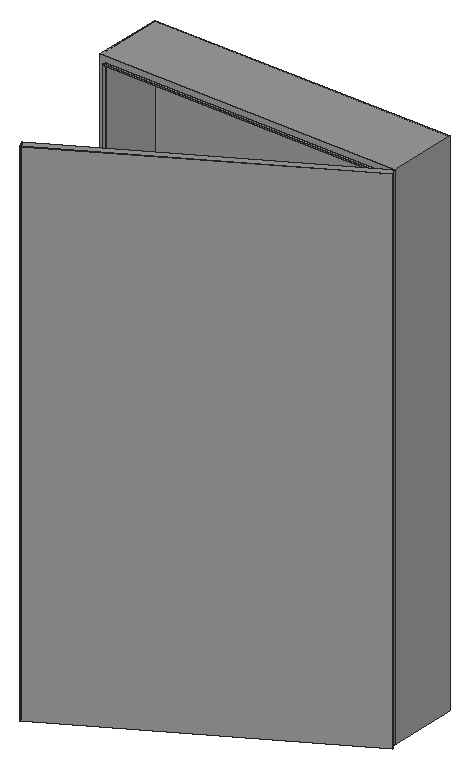
Revit family "Hager-Univers-IP44-D205-H1400-Cl.I-encl-NoHosted-DE-de", category Equipement électrique, Revit 2020
Family settings
  Configuration du panneau = Deux colonnes, circuits au sein
  Cote de connecteur circulaire = Utiliser le diamètre
  Type d'élément = Tableau de raccordement
  Basée sur le plan de construction = Oui
  Toujours verticalement = Oui
  Couper avec des vides une fois chargée = Non
  Partagée = Non
  Point de calcul de pièce = Non
Parameters (values of type "Aufputz IP44 B800 H1400 T205  - FP93TN2")
  Width Control [instance] = if([EF000008 - Breite] > Min Width, [EF000008 - Breite], Min Width)  # 800 mm
  Commentaires du type = [HG000003 - Bereich]  # "Univers"
  Thickness Door [instance] = if([EF009171 - Materialstärke Tür/Deckel] > 3 mm, 3 mm, [EF009171 - Materialstärke Tür/Deckel])  # 1 mm
  Seal Frame Offset [instance] = 17 mm  # constant formula
  Plinth Visibility [instance] = [HG000027 - Sockelhöhe] > 0 mm  # no
  Min Width [instance] = 100 mm  # constant formula
  Min Depth [instance] = (2 * [EF009170 - Materialstärke Gehäuse]) + 1 mm  # 3 mm
  Min Height [instance] = 100 mm  # constant formula
  Internal Frame Depth [instance] = (Door System Depth * 0.5)  # 9 mm
  Panel Name [instance] = ""  # (empty or 0)
  Model = ""
  HG000027 - Sockelhöhe = 0 mm
  HG000026 - Stehend auf dem Boden = no
  HG000024 - Höhe des unteren Teils = 600 mm
  HG000023 - Gehäuse mit doppeltem Querschnitt = no
  HG000016 - 3D-Türsichtbarkeit [instance] = yes
  HG000015 - Sichtbarkeit der Türöffnung [instance] = no
  HG000014 - Tür rechts [instance] = yes
  HG000013 - Tür links [instance] = not([HG000014 - Tür rechts])  # no
  HG000012 - Türschwenkwinkel [instance] = 30.00°
  HG000010 - Asymmetrische Türen = no
  HG000009 - Doppelflügeligen Tür = no
  HG000006 - Unterputz = no
  HG000004 - Herstellerreferenz = "FP93TN2"
  HG000003 - Bereich = "Univers"
  HG000002 - Mit tür = yes
  Frame Offset Bottom [instance] = 10 mm  # constant formula
  Frame Offset [instance] = 15 mm  # constant formula
  EF015940 - Deckel mit Überdruckentlastung = no
  EF011959 - Schutzart (NEMA) = ""
  EF009554 - Anzahl der Öffnungen für Flanschplatten = 6
  EF009212 - Ausführung Deckel = "EV000116 - geschlossen"
  EF009171 - Materialstärke Tür/Deckel = 1 mm
  EF009170 - Materialstärke Gehäuse = 1 mm
  EF008873 - Nennstrom (In) = 250 A
  EF007800 - Geeignet für Blitzschutz = no
  EF006306 - Mit Schloss = no
  EF006244 - Transparenter Deckel/Tür = no
  EF005474 - Schutzart (IP) = "EV006418 - IP44"
  EF004464 - Art der Tür = "EV002646 - Einzel"
  EF004427 - Anzahl der Module = 324
  EF004293 - Schlagfestigkeit = "EV006815 - IK09"
  EF003532 - Geeignet für Außengebrauch = no
  EF002950 - Breite in Teilungseinheiten = 36
  EF001613 - Funktionserhalt = "EV000494 - ohne"
  EF001596 - Werkstoff des Gehäuses = "EV000179 - Stahl"
  EF001131 - Innentiefe = 130 mm
  EF001088 - Anbaumöglichkeit = yes
  EF000437 - Anzahl der Leitungseinführungen = 6
  EF000339 - Art der Abdeckung = "EV001012 - Deckel"
  EF000266 - Anzahl der Reihen = 9
  EF000218 - Einbautiefe = 205 mm
  EF000118 - Mit Montageplatte = no
  EF000116 - RAL-Nummer = "9010"
  EF000049 - Tiefe = 205 mm
  EF000040 - Höhe = 1400 mm
  EF000008 - Breite = 800 mm
  EF000007 - Farbe = "EV000202 - weiß"
  EF000003 - Montageart = "EV000384 - Aufputz"
  Door System Leaf Tolerance [instance] = 1.5 mm  # constant formula
  Door System Depth [instance] = 18 mm  # constant formula
  Door Height [instance] = Height Control - [HG000027 - Sockelhöhe]  # 1400 mm
  Description = ""
  Default Elevation = 1219.2 mm
  Connector Offset [instance] = Height Control / 2  # 700 mm
  Fabricant = "Hager"  # constant formula
  Height Control [instance] = if([EF000040 - Höhe] > Min Height, [EF000040 - Höhe], Min Height)  # 1400 mm
  Depth Control [instance] = if([EF000049 - Tiefe] > Min Depth, [EF000049 - Tiefe], Min Depth)  # 205 mm
  Bottom Top Plate Trim [instance] = 1.5 mm  # constant formula
  Plinth height Ctrl [instance] = if([HG000027 - Sockelhöhe] > 0 mm, [HG000027 - Sockelhöhe], 12 mm)  # 12 mm
Types (9, lengths in mm): name | Width Control | HG000010 - Asymmetrische Türen | HG000009 - Doppelflügeligen Tür | HG000004 - Herstellerreferenz | EF009554 - Anzahl der Öffnungen für Flanschplatten | EF004464 - Art der Tür | EF004427 - Anzahl der Module | EF002950 - Breite in Teilungseinheiten | EF000437 - Anzahl der Leitungseinführungen | EF000008 - Breite
  Aufputz IP44 B1050 H1400 T205  - FP94TN2 | 1050 | no | yes | "FP94TN2" | 8 | "EV003602 - Doppel" | 432 | 48 | 8 | 1050
  Aufputz IP44 B1300 H1400 T205  - FP95TN | 1300 | no | yes | "FP95TN" | 10 | "EV003602 - Doppel" | 540 | 60 | 10 | 1300
  Aufputz IP44 B1300 H1400 T205  - FP95TN2 | 1300 | yes | yes | "FP95TN2" | 10 | "EV003602 - Doppel" | 540 | 60 | 10 | 1300
  Aufputz IP44 B300 H1400 T205  - FP91TN | 300 | no | no | "FP91TN" | 2 | "EV002646 - Einzel" | 108 | 12 | 2 | 300
  Aufputz IP44 B300 H1400 T205  - FP91TN2 | 300 | no | no | "FP91TN2" | 2 | "EV002646 - Einzel" | 108 | 12 | 2 | 300
  Aufputz IP44 B550 H1400 T205  - FP92TN | 550 | no | no | "FP92TN" | 4 | "EV002646 - Einzel" | 216 | 24 | 4 | 550
  Aufputz IP44 B550 H1400 T205  - FP92TN2 | 550 | no | no | "FP92TN2" | 4 | "EV002646 - Einzel" | 216 | 24 | 4 | 550
  Aufputz IP44 B800 H1400 T205  - FP93TN | 800 | no | no | "FP93TN" | 6 | "EV002646 - Einzel" | 324 | 36 | 6 | 800
  Aufputz IP44 B800 H1400 T205  - FP93TN2 | 800 | no | no | "FP93TN2" | 6 | "EV002646 - Einzel" | 324 | 36 | 6 | 800
Reference planes
  plane 1 "Center (Front/Back)": y = 0
  plane 2: z = 0
  plane 3 "Center (Left/Right)": x = 0
  plane 4: y = 0
  plane 5: y = 0
  plane 6: z = 0
  plane 7: x = -400
  plane 8: x = 400
  plane 9: x = 399
  plane 10: x = -399
  plane 11: z = 0
  plane 12: z = 1
  plane 13: y = -205
  plane 14: y = -1
  plane 15: x = 0
  plane 16: y = -187
  plane 17: y = -204
  plane 18: y = -186
  plane 19: x = -384
  plane 20: x = 384
  plane 21: z = 11
  plane 22: x = -383
  plane 23: x = 383
  plane 24: z = 0
  plane 25: z = 1400
  plane 26: z = 1400
  plane 27: z = 1384
  plane 28: z = 1399
Forms (mm)
  Extrusion 1, solid, material "Hager_Steel_RAL7035_Light_Grey", detail levels medium+fine
    sketch origin (-208.679, -4572, 0) x (-1, 0, 0) y (0, -1, 0)
      loop
        line (191.321, -4385) -> (-608.679, -4385) -> (-608.679, -4572) -> (191.321, -4572) -> (191.321, -4385)
    from 0 to 1400
  Extrusion 2, void
    sketch origin (-350.771, -205, 1219.2) x (1, 0, 0) y (0, 0, 1)
      loop
        line (-48.229, 179.8) -> (-48.229, -1218.2) -> (749.771, -1218.2) -> (749.771, 179.8) -> (-48.229, 179.8)
    from -19 to -204
  Extrusion 3, void
    sketch origin (-290.084, -187, 1219.2) x (1, 0, 0) y (0, 0, 1)
      loop
        line (-93.916, -1208.2) -> (674.084, -1208.2) -> (674.084, 164.8) -> (-93.916, 164.8) -> (-93.916, -1208.2)
    from 0 to -1
  Extrusion 4, solid, material "Hager_Steel_RAL7035_Light_Grey", visible <- "Plinth Visibility", detail levels medium+fine
    sketch origin (0, 0, 0) x (1, 0, 0) y (0, 1, 0)
      loop
        line (-400, 0) -> (-400, -187) -> (400, -187) -> (400, 0) -> (-400, 0)
    from 0 to 12 <- "Plinth height Ctrl"
  Extrusion 5, solid, material "Hager_Steel_RAL7035_Light_Grey", detail levels coarse
    sketch origin (0, 0, 0) x (1, 0, 0) y (0, 1, 0)
      loop
        line (-400, 0) -> (-400, -205) -> (400, -205) -> (400, 0) -> (-400, 0)
    from 0 to 1400 <- "Height Control"
  Sweep 6, void
    path in 3D
      loop
        line (-400, -187, 12) -> (400, -187, 12) -> (400, 0, 12) -> (-400, 0, 12) -> (-400, -187, 12)
    profile origin (-400, -93.5, 12) x (1, 0, 0) y (0, 0, 1)
      loop
        line (0, 0) -> (0, -1.5) -> (1.5, -1.5)
        arc (1.5, -1.5) -> (1.061, -0.439) -> (0, 0) r 1.5
  Extrusion 7, solid, material "Hager_Steel_RAL7035_Light_Grey", detail levels fine
    sketch origin (-400, -187, 0) x (1, 0, 0) y (0, 0, 1)
      loop
        line (16, 11) -> (784, 11) -> (784, 1384) -> (16, 1384) -> (16, 11)
      loop
        line (15, 10) -> (785, 10) -> (785, 1385) -> (15, 1385) -> (15, 10)
    from 0 to 9 <- "Internal Frame Depth"
Cuts and joins
  Extrusion 2, Extrusion 3 cuts Extrusion 1
  Sweep 6 cuts Extrusion 4
Lines and regions (mm)
  Masking region 1
    outline origin (0, 0, 0) x (1, 0, 0) y (0, 1, 0)
      loop
        line (-400, 0) -> (-400, -205) -> (400, -205) -> (400, 0) -> (-400, 0)
  Masking region 2, detail levels coarse
    outline origin (-290.084, -187, 1219.2) x (-1, 0, 0) y (0, 0, 1)
      loop
        line (-690.084, -1219.2) -> (109.916, -1219.2) -> (109.916, 180.8) -> (-690.084, 180.8) -> (-690.084, -1219.2)
  Masking region 3, detail levels coarse
    outline origin (0, 0, 0) x (0, 1, 0) y (0, 0, 1)
      loop
        line (0, 0) -> (0, 1400) -> (-205, 1400) -> (-205, 0) -> (0, 0)
  Masking region 4, visible <- "Plinth Visibility", detail levels medium+fine
    outline origin (0, 0, 0) x (0, 1, 0) y (0, 0, 1)
      loop
        line (-1.5, 12) -> (-185.5, 12)
        arc (-185.5, 12) -> (-185.939, 10.939) -> (-187, 10.5) r 1.5
        line (-187, 10.5) -> (-187, 0) -> (0, 0) -> (0, 10.5)
        arc (0, 10.5) -> (-1.061, 10.939) -> (-1.5, 12) r 1.5
  Masking region 5, detail levels medium+fine
    outline origin (0, 0, 594.038) x (0, 1, 0) y (0, 0, 1)
      loop
        line (0, -594.038) -> (0, 805.962) -> (-187, 805.962) -> (-187, -594.038) -> (0, -594.038)
  Masking region 6, detail levels medium+fine
    outline origin (-359.7, -187, 1211.883) x (-1, 0, 0) y (0, 0, 1)
      loop
        line (-759.7, -1211.883) -> (40.3, -1211.883) -> (40.3, 188.117) -> (-759.7, 188.117) -> (-759.7, -1211.883)
  Masking region 7, visible <- "Plinth Visibility", detail levels medium+fine
    outline origin (-320.334, -187, 1041.368) x (-1, 0, 0) y (0, 0, 1)
      loop
        line (-720.334, -1041.368) -> (79.666, -1041.368) -> (79.666, -1030.868)
        arc (79.666, -1030.868) -> (78.606, -1030.429) -> (78.166, -1029.368) r 1.5
        line (78.166, -1029.368) -> (-718.834, -1029.368)
        arc (-718.834, -1029.368) -> (-719.273, -1030.429) -> (-720.334, -1030.868) r 1.5
        line (-720.334, -1030.868) -> (-720.334, -1041.368)
  sketch lines
    curve 1: line (-400, 0, 12) -> (-400, -187, 12)
    curve 2: line (-400, -187, 12) -> (400, -187, 12)
    curve 3: line (400, 0, 12) -> (-400, 0, 12)
    curve 4: line (400, -187, 12) -> (400, 0, 12)
Dimensions and locks
  locked: plane 1 "Center (Front/Back)" to plane 5
  "EF009170 - Materialstärke Gehäuse": plane 7 to plane 10
  "EF009170 - Materialstärke Gehäuse": plane 8 to plane 9
  equal spacing: plane 7, plane 3 "Center (Left/Right)", plane 8
  "Width Control": plane 7 to plane 8
  "Depth Control": plane 4 to plane 13
  "EF009170 - Materialstärke Gehäuse": plane 4 to plane 14
  "Height Control": plane 25 to level
  "HG000027 - Sockelhöhe": plane 11 to level
  "EF009170 - Materialstärke Gehäuse": plane 12 to plane 11
  "EF009170 - Materialstärke Gehäuse": plane 17 to plane 13
  "EF009170 - Materialstärke Gehäuse": plane 18 to plane 16
  "Frame Offset Bottom": plane 21 to plane 12
  "Frame Offset": plane 10 to plane 19
  "Frame Offset": plane 9 to plane 20
  "Door System Depth": plane 16 to plane 13
  "Seal Frame Offset": plane 7 to plane 22
  "Seal Frame Offset": plane 8 to plane 23
  "EF009170 - Materialstärke Gehäuse": plane 26 to plane 28
  "Frame Offset": plane 28 to plane 27
  "Connector Offset": plane 2 to connector elem
  "Bottom Top Plate Trim": profile plane to Sweep 6 sketch curve
  "Bottom Top Plate Trim": Sweep 6 sketch curve to Sweep 6 sketch curve
  "Plinth height Ctrl": Masking region 4 sketch curve to level
  "Plinth height Ctrl": Masking region 7 sketch curve to level
  "Thickness Door": Extrusion 7 sketch curve to Extrusion 7 sketch curve  (x4)
  "Bottom Top Plate Trim": radius of Sweep 6 sketch curve
  "Bottom Top Plate Trim": radius of Masking region 4 sketch curve  (x2)
  "Bottom Top Plate Trim": radius of Masking region 7 sketch curve  (x2)
  aligned and locked: Extrusion 2 sketch curve to plane 12
  aligned and locked: Extrusion 2 sketch curve to plane 9
  aligned and locked: Extrusion 2 sketch curve to plane 10
  aligned and locked: Extrusion 2 to plane 14
  aligned and locked: Extrusion 1 sketch curve to plane 4
  aligned and locked: plane 8 to Extrusion 1 sketch curve
  aligned and locked: plane 7 to Extrusion 1 sketch curve
  aligned and locked: Extrusion 2 to plane 18
  aligned and locked: Extrusion 3 sketch curve to plane 19
  aligned and locked: plane 20 to Extrusion 3 sketch curve
  aligned and locked: Extrusion 3 to Extrusion 2
  aligned and locked: Extrusion 3 sketch curve to plane 21
  aligned and locked: plane 3 "Center (Left/Right)" to nested 1
  aligned and locked: Extrusion 1 sketch curve to plane 16
  aligned and locked: Extrusion 4 sketch curve to cut or joined group of Extrusion 1, Extrusion 2, Extrusion 3
  aligned and locked: Masking region 1 sketch curve to plane 7
  aligned and locked: Masking region 1 sketch curve to plane 5
  aligned and locked: Masking region 1 sketch curve to plane 8
  aligned and locked: Masking region 2 sketch curve to level
  aligned and locked: level to Masking region 3 sketch curve
  aligned and locked: plane 1 "Center (Front/Back)" to Masking region 3 sketch curve
  aligned and locked: plane 13 to Masking region 3 sketch curve
  aligned and locked: plane 5 to Masking region 4 sketch curve
  aligned and locked: Masking region 2 sketch curve to plane 8
  aligned and locked: Masking region 2 sketch curve to plane 7
  aligned and locked: plane 7 to nested 2
  aligned and locked: nested 2 to plane 5
  aligned and locked: plane 5 to Masking region 5 sketch curve
  aligned and locked: plane 26 to Masking region 5 sketch curve
  aligned and locked: Extrusion 5 sketch curve to plane 8
  aligned and locked: Extrusion 5 sketch curve to plane 7
  aligned and locked: Extrusion 5 sketch curve to plane 5
  aligned and locked: Extrusion 3 sketch curve to plane 27
  aligned and locked: Extrusion 2 sketch curve to plane 28
  aligned and locked: Masking region 2 to plane 25
  aligned and locked: Extrusion 4 to plane 16
  aligned and locked: profile plane to Sweep 6 sketch curve
  aligned and locked: Masking region 5 sketch curve to plane 24
  aligned and locked: level to Masking region 4 sketch curve
  aligned and locked: Masking region 1 to plane 13
  aligned and locked: nested 1 to plane 16
  aligned and locked: Masking region 3 to plane 25
  aligned and locked: plane 16 to Masking region 4 sketch curve
  aligned and locked: Masking region 5 sketch curve to plane 16
  aligned and locked: plane 24 to plane 11
  aligned and locked: plane 26 to plane 25
  aligned and locked: plane 26 to cut or joined group of Extrusion 1, Extrusion 2, Extrusion 3
  aligned and locked: nested 1 to plane 24
  aligned and locked: Extrusion 1 to Extrusion 3
  aligned and locked: Masking region 6 sketch curve to plane 8
  aligned and locked: Masking region 6 sketch curve to plane 24
  aligned and locked: Masking region 6 sketch curve to plane 7
  aligned and locked: Masking region 6 sketch curve to plane 26
  aligned and locked: Masking region 7 sketch curve to plane 7
  aligned and locked: level to Masking region 7 sketch curve
  aligned and locked: Masking region 7 sketch curve to plane 8
  aligned and locked: Extrusion 7 sketch curve to cut or joined group of Extrusion 1, Extrusion 2, Extrusion 3  (x4)
Automatic sketch dimensions
  plane 19 to Extrusion 3 sketch curve = 0 mm
  Extrusion 3 sketch curve to plane 20 = 0 mm
  Extrusion 3 sketch curve to plane 21 = 0 mm
  Extrusion 4 sketch curve to plane 7 = 0 mm
  Extrusion 4 sketch curve to plane 8 = 0 mm
  Extrusion 4 sketch curve to plane 16 = 0 mm
  Masking region 1 sketch curve to plane 13 = 0 mm
  Masking region 2 sketch curve to plane 25 = 0 mm
  Masking region 3 sketch curve to plane 25 = 0 mm
  Extrusion 5 sketch curve to plane 13 = 0 mm
  profile plane to Sweep 6 sketch curve = 0 mm
Nested families
  nested 1: "EC000058_Univers_Door" at (0, -187, 0), Double <- "HG000009 - Doppelflügeligen Tür", Transparent <- "EF006244 - Transparenter Deckel/Tür", Angle <- "HG000012 - Türschwenkwinkel", Door_Right <- "HG000014 - Tür rechts", Assymetrical <- "HG000010 - Asymmetrische Türen", Door <- "HG000002 - Mit tür", Width_Ctrl <- "Width Control", 3d_Door <- "HG000016 - 3D-Türsichtbarkeit", Clearance <- "HG000015 - Sichtbarkeit der Türöffnung", Door_Left <- "HG000013 - Tür links", Width <- "Width Control", Door_Depth <- "Door System Depth", Leaf_Tolerance <- "Door System Leaf Tolerance", Height <- "Door Height", Lock_Visibility <- "EF006306 - Mit Schloss", Thickness <- "Thickness Door", type "EC000058_Univers_Door", detail levels medium+fine
    with min_wh 3 mm, Width_Ctrl 800 mm, Width 800 mm, Transparent no, Thickness 1 mm, Seal_Material Hager_Rubber, Lock_Visibility no, Lock_Material Hager_Plastic_RAL9005_Jet_Black, Leaf_Width 800 mm, Leaf_Tolerance_External_Sides 0 mm, Leaf_Tolerance 1.5 mm, Leaf_Offset 0 mm, Leaf_Height 1397 mm, Leaf_2_Width 800 mm, Leaf_2_Offset 400 mm, Leaf_1_Width 800 mm, Leaf_1_Offset 400 mm, Height_Ctrl 1400 mm, Height 1400 mm, Glass_Material Hager_Glass, Double_Clearance_Ctrl no, Double no, Door_Right_Ctrl yes, Door_Right yes, Door_Material Hager_Steel_RAL7035_Light_Grey, Door_Left_Ctrl no, Door_Left no, Door_Depth 18 mm, Door yes, Clearance_Material Hager_Clearance, Clearance_Depth 800 mm, Clearance_Ctrl no, Clearance no, Assymetrical no, Angle 30.00°, 3d_Door yes
  nested 2: "Hager_Enclosure_Symbol" at (-400, 0, 0), Height <- "Depth Control", Width <- "Width Control", type "Hager_Enclosure_Symbol"
    with Width_Ctrl 800 mm, Width 800 mm, Height_Ctrl 205 mm, Height 205 mm, A_Width_Int 13.453 mm, A_Width 161.438 mm, A_Height_Ctrl 179.375 mm, A_Height 179.375 mm
Connectors
  electrical at (0, 0, 700)
    settings: on plane 1 "Center (Front/Back)", index 1, voltage 0 V, apparent load 0 VA, apparent load phase1 0 VA, apparent load phase2 0 VA, apparent load phase3 0 VA, power factor 1, load classification "Other", number of poles 1, system type 30, power factor state 1, is connector primary yes, connector utility no, sub classification motor no, connector description ""
Definition of nested family "EC000058_Univers_Door"
  Parameters (values of type "EC000058_Univers_Door")
    min_wh [instance] = (2 * Thickness) + 1 mm  # 11 mm
    Width_Ctrl [instance] = 400 mm
    Width [instance] = 500 mm
    Transparent [instance] = yes
    Thickness [instance] = 5 mm
    Seal_Material [instance] = none
    Lock_Visibility [instance] = yes
    Lock_Material [instance] = none
    Leaf_Width [instance] = if((Width_Ctrl - 2 * Leaf_Tolerance_External_Sides) > 0 mm, (Width_Ctrl - 2 * Leaf_Tolerance_External_Sides), min_wh)  # 400 mm
    Leaf_Tolerance_External_Sides [instance] = 0 mm  # constant formula
    Leaf_Tolerance [instance] = 1.5 mm
    Leaf_Offset [instance] = 0 mm  # constant formula
    Leaf_Height [instance] = if((Height_Ctrl - 2 * Leaf_Tolerance) > 0 mm, (Height_Ctrl - 2 * Leaf_Tolerance), min_wh)  # 497 mm
    Leaf_2_Width [instance] = if(and(and(Double, Assymetrical), Door_Left), (Leaf_Width / 3) - (Leaf_Tolerance / 2), if(and(and(Double, Assymetrical), Door_Right), (Leaf_Width / 3) * 2 - (Leaf_Tolerance / 2), if(and(Double, not(Assymetrical)), (Leaf_Width / 2) - Leaf_Tolerance, Leaf_Width)))  # 400 mm
    Leaf_2_Offset [instance] = if(and(Double, Assymetrical), Leaf_2_Width / 2, if(and(Double, not(Assymetrical)), Leaf_Width / 4, Leaf_Width / 2))  # 200 mm
    Leaf_1_Width [instance] = if(and(and(Double, Assymetrical), Door_Right), (Leaf_Width / 3) - (Leaf_Tolerance / 2), if(and(and(Double, Assymetrical), Door_Left), (Width / 3) * 2 - (Leaf_Tolerance / 2), if(and(Double, not(Assymetrical)), (Leaf_Width / 2) - Leaf_Tolerance, Leaf_Width)))  # 400 mm
    Leaf_1_Offset [instance] = if(and(Double, Assymetrical), Leaf_1_Width / 2, if(and(Double, not(Assymetrical)), Leaf_Width / 4, Leaf_Width / 2))  # 200 mm
    Height_Ctrl [instance] = if(Height > min_wh, Height, min_wh)  # 500 mm
    Height [instance] = 500 mm
    Glass_Material [instance] = none
    Double_Clearance_Ctrl [instance] = and(Double, Clearance)  # no
    Double [instance] = no
    Door_Right_Ctrl [instance] = and(or(Door_Right, Double), Door)  # yes
    Door_Right [instance] = yes
    Door_Material [instance] = none
    Door_Left_Ctrl [instance] = and(or(Door_Left, Double), Door)  # no
    Door_Left [instance] = no
    Door_Depth [instance] = 30 mm
    Door [instance] = yes
    Default Elevation = 1219.2 mm
    Clearance_Material [instance] = none
    Clearance_Depth [instance] = if(Leaf_1_Width > Leaf_2_Width, Leaf_1_Width, Leaf_2_Width)  # 400 mm
    Clearance_Ctrl [instance] = and(not(Double), Clearance)  # yes
    Clearance [instance] = yes
    Assymetrical [instance] = yes
    Angle [instance] = 30.00°
    3d_Door [instance] = yes
  Reference planes
    plane 1 "Center (Front/Back)": y = 0
    plane 2 "Bottom": z = 0
    plane 3 "Center (Left/Right)": x = 0
    plane 4: z = 500
    plane 5: x = -200
    plane 6: x = 200
    plane 7: z = 500
    plane 8: x = -200
    plane 9: z = 0
    plane 10: x = 200
    plane 11: y = 0
    plane 12: z = 1.5
    plane 13: x = -600
    plane 14: y = -400
    plane 15: x = 600
    plane 16: x = 0
    plane 17: x = 0
    plane 18: x = -200
    plane 19: x = 200
    plane 20: z = 498.5
  Forms (mm)
    Extrusion 1, solid, material <- "Clearance_Material", visible <- "Double_Clearance_Ctrl"
      sketch origin (1200, 0, 0) x (1, 0, 0) y (0, 0, -1)
        loop
          line (-1800, -498.5) -> (-600, -498.5) -> (-600, 0) -> (-1800, 0) -> (-1800, -498.5)
      from 0 to -400
  Dimensions and locks
    equal spacing: plane 5, plane 3 "Center (Left/Right)", plane 6
    "Width_Ctrl": plane 5 to plane 6
    "Leaf_Offset": plane 5 to plane 8
    "Leaf_Offset": plane 6 to plane 10
    "Leaf_Offset": plane 9 to level
    "Leaf_Offset": plane 4 to plane 7
    "Height_Ctrl": plane 4 to level
    "Leaf_Tolerance": plane 12 to plane 9
    locked: plane 11 to plane 1 "Center (Front/Back)"
    "Leaf_1_Offset": plane 18 to plane 16
    "Leaf_2_Offset": plane 17 to plane 19
    "Leaf_1_Width": plane 13 to plane 8
    "Leaf_2_Width": plane 10 to plane 15
    "Clearance_Depth": plane 14 to plane 1 "Center (Front/Back)"
    "Leaf_Tolerance_External_Sides": plane 8 to plane 18
    "Leaf_Tolerance_External_Sides": plane 19 to plane 10
    "Leaf_Tolerance": plane 7 to plane 20
    aligned and locked: level to plane 2 "Bottom"
    aligned and locked: nested 1 to plane 16
    aligned and locked: nested 2 to plane 17
    aligned and locked: Extrusion 1 to plane 13
    aligned and locked: plane 15 to Extrusion 1
    aligned and locked: Extrusion 1 to plane 14
    aligned and locked: plane 12 to nested 1
    aligned and locked: nested 2 to plane 12
    aligned and locked: Extrusion 1 to plane 11
    aligned and locked: plane 20 to Extrusion 1
    aligned and locked: nested 2 to plane 11
    aligned and locked: nested 1 to plane 11
  Automatic sketch dimensions
    Extrusion 1 sketch curve to level = 0 mm
    plane 5 to Extrusion 1 sketch curve = 400 mm
    plane 6 to Extrusion 1 sketch curve = 400 mm
    Extrusion 1 sketch curve to plane 4 = 1.5 mm
  Nested families
    nested 1: "EC000058_Univers_Door_Leaf" at (0, 0, 1.5), Width <- "Leaf_1_Width", visible <- "Door_Left_Ctrl", Leaf_Height <- "Leaf_Height", Angle <- "Angle", 3d_Door <- "3d_Door", Transparent <- "Transparent", Clearance Material <- "Clearance_Material", Clearance <- "Clearance_Ctrl", Door_Material <- "Door_Material", Glass_Material <- "Glass_Material", Door_Depth <- "Door_Depth", Lock_Material <- "Lock_Material", Seal_Material <- "Seal_Material", Lock_Visibility <- "Lock_Visibility", Thickness <- "Thickness", type "EC000058_Univers_Door_Leaf"
      with Width 400 mm, Transparent_Glass_Offset 30 mm, Transparent_Ctrl yes, Transparent yes, Thickness 5 mm, Standard no, Seal_Material none, Seal_D2 8 mm, Seal_D1 1 mm, Offset_Internal_Frame 10 mm, Lock_Width 20 mm, Lock_Visibility_3d yes, Lock_Visibility yes, Lock_Thickness_3 3 mm, Lock_Thickness_2 1 mm, Lock_Thickness_1 3 mm, Lock_Radius_Offset_2 16 mm, Lock_Radius_Offset_1 15 mm, Lock_Radius_2 5 mm, Lock_Radius 6 mm, Lock_Offset 5 mm, Lock_Material none, Lock_Height 80 mm, Lock_Cover_Top_Offset_2d 17 mm, Lock_Cover_Height -65 mm, Leaf_Height 497 mm, Internal_Seal_Thickness 8 mm, Internal_Seal_Depth_2 4.5 mm, Internal_Frame_Depth 25 mm, Glass_Thickness -1 mm, Glass_Offset -2 mm, Glass_Material none, Door_Material none, Door_Depth 30 mm, Clearance Material none, Clearance yes, Angle_Ctrl 30.00°, Angle 30.00°, 3d_Door yes
    nested 2: "EC000058_Univers_Door_Leaf" at (0, 0, 1.5) x (-1, 0, 0) z (0, 0, 1), Width <- "Leaf_2_Width", visible <- "Door_Right_Ctrl", Leaf_Height <- "Leaf_Height", Angle <- "Angle", 3d_Door <- "3d_Door", Transparent <- "Transparent", Clearance Material <- "Clearance_Material", Clearance <- "Clearance_Ctrl", Door_Material <- "Door_Material", Glass_Material <- "Glass_Material", Door_Depth <- "Door_Depth", Lock_Material <- "Lock_Material", Seal_Material <- "Seal_Material", Lock_Visibility <- "Lock_Visibility", Thickness <- "Thickness", type "EC000058_Univers_Door_Leaf"
      with Width 400 mm, Transparent_Glass_Offset 30 mm, Transparent_Ctrl yes, Transparent yes, Thickness 5 mm, Standard no, Seal_Material none, Seal_D2 8 mm, Seal_D1 1 mm, Offset_Internal_Frame 10 mm, Lock_Width 20 mm, Lock_Visibility_3d yes, Lock_Visibility yes, Lock_Thickness_3 3 mm, Lock_Thickness_2 1 mm, Lock_Thickness_1 3 mm, Lock_Radius_Offset_2 16 mm, Lock_Radius_Offset_1 15 mm, Lock_Radius_2 5 mm, Lock_Radius 6 mm, Lock_Offset 5 mm, Lock_Material none, Lock_Height 80 mm, Lock_Cover_Top_Offset_2d 17 mm, Lock_Cover_Height -65 mm, Leaf_Height 497 mm, Internal_Seal_Thickness 8 mm, Internal_Seal_Depth_2 4.5 mm, Internal_Frame_Depth 25 mm, Glass_Thickness -1 mm, Glass_Offset -2 mm, Glass_Material none, Door_Material none, Door_Depth 30 mm, Clearance Material none, Clearance yes, Angle_Ctrl 30.00°, Angle 30.00°, 3d_Door yes
  Definition of nested family "EC000058_Univers_Door_Leaf"
    Parameters (values of type "EC000058_Univers_Door_Leaf")
      Width [instance] = 2000 mm
      Transparent_Glass_Offset [instance] = 30 mm
      Transparent_Ctrl [instance] = and(Transparent, [3d_Door])  # yes
      Transparent [instance] = yes
      Thickness [instance] = 5 mm
      Standard [instance] = and(not(Transparent), [3d_Door])  # no
      Seal_Material [instance] = none
      Seal_D2 [instance] = 8 mm  # constant formula
      Seal_D1 [instance] = 1 mm  # constant formula
      Offset_Internal_Frame [instance] = 10 mm  # constant formula
      Lock_Width [instance] = 20 mm  # constant formula
      Lock_Visibility_3d [instance] = and(Lock_Visibility, [3d_Door])  # yes
      Lock_Visibility [instance] = yes
      Lock_Thickness_3 [instance] = 3 mm  # constant formula
      Lock_Thickness_2 [instance] = 1 mm  # constant formula
      Lock_Thickness_1 [instance] = 3 mm  # constant formula
      Lock_Radius_Offset_2 [instance] = Lock_Radius_Offset_1 + 1 mm  # 16 mm
      Lock_Radius_Offset_1 [instance] = 15 mm  # constant formula
      Lock_Radius_2 [instance] = Lock_Radius - 1 mm  # 5 mm
      Lock_Radius [instance] = 6 mm  # constant formula
      Lock_Offset [instance] = 5 mm  # constant formula
      Lock_Material [instance] = none
      Lock_Height [instance] = 80 mm  # constant formula
      Lock_Cover_Top_Offset_2d [instance] = Lock_Radius_Offset_2 + 1 mm  # 17 mm
      Lock_Cover_Height [instance] = -(Lock_Height - Lock_Radius_Offset_1)  # -65 mm
      Leaf_Height [instance] = 2720.336 mm
      Internal_Seal_Thickness [instance] = 8 mm  # constant formula
      Internal_Seal_Depth_2 [instance] = 4.5 mm  # constant formula
      Internal_Frame_Depth [instance] = if(Door_Depth - Thickness > 5 mm, Door_Depth - Thickness, 5 mm)  # 25 mm
      Glass_Thickness [instance] = if(Thickness > 15 mm, Glass_Offset + 10 mm, -1 mm)  # -1 mm
      Glass_Offset [instance] = if(Thickness > 15 mm, -(Thickness + 10 mm) / 2, -2 mm)  # -2 mm
      Glass_Material [instance] = none
      Door_Material [instance] = none
      Door_Depth [instance] = 30 mm
      Default Elevation = 0 mm
      Clearance Material [instance] = none
      Clearance [instance] = yes
      Angle_Ctrl [instance] = if(Angle > 180.00°, 180.00°, Angle)  # 90.00°
      Angle [instance] = 90.00°
      3d_Door [instance] = yes
    Reference planes
      plane 1 "Center (Front/Back)": y = 0
      plane 2: z = 0
      plane 3 "Center (Left/Right)": x = 0
      plane 4: y = 2000
      plane 5: x = -1000
      plane 6: x = 1000
      plane 7: x = -3000
      plane 8: z = 2720.336
      plane 9: z = 30
      plane 10: z = 2690.336
      plane 11: x = 970
      plane 12: x = -970
      plane 13: y = -3
      plane 14: z = 107.833
      plane 15: y = -5
      plane 16: y = -223.314
      plane 17: x = -1000
      plane 18: z = 1360.168
      plane 19: y = 30
    Forms (mm)
      Extrusion 1, solid, material <- "Clearance Material", visible <- "Clearance"
        sketch origin (0, 0, 0) x (1, 0, 0) y (0, 0, 1)
          loop
            line (-3000, 2720.336) -> (-3000, 0) -> (1000, 0) -> (1000, 2720.336) -> (-3000, 2720.336)
        from 0 to -2000
      Extrusion 2, solid, material <- "Door_Material", visible <- "Standard", detail levels medium+fine
        sketch origin (-1000, 0, 0) x (0, 1, 0) y (-1, 0, 0)
          loop
            line (0, 30) -> (0, 25) -> (2000, 25) -> (2000, 30) -> (0, 30)
        from 0 to 2720.336 <- "Leaf_Height"
      Extrusion 3, solid, material <- "Door_Material", visible <- "Transparent_Ctrl", detail levels medium+fine
        sketch origin (-1000, 0, 0) x (0, 1, 0) y (-1, 0, 0)
          loop
            line (0, 25) -> (2000, 25) -> (2000, 30) -> (0, 30) -> (0, 25)
        from 0 to 2720.336 <- "Leaf_Height"
      Extrusion 4, void
        sketch origin (-1025, 2000, 0) x (0, 1, 0) y (0, 0, -1)
          loop
            line (-30, -2690.336) -> (-30, -30) -> (-1970, -30) -> (-1970, -2690.336) -> (-30, -2690.336)
        from 0 to 5 <- "Thickness"
      Sweep 5, solid, material <- "Seal_Material", visible <- "Transparent_Ctrl", detail levels fine
        path in 3D
          loop
            line (-1025, 30, 30) -> (-1025, 30, 2690.336) -> (-1025, 1970, 2690.336) -> (-1025, 1970, 30) -> (-1025, 30, 30)
        profile origin (-1025, 1000, 30) x (1, 0, 0) y (0, 0, 1)
          loop
            line (0, 0) -> (0, -8) -> (1, -8) -> (1, 0) -> (0, 0)
      Extrusion 6, solid, material <- "Glass_Material", visible <- "Transparent_Ctrl", detail levels medium+fine
        sketch origin (-1030, 0, 0) x (0, 1, 0) y (0, 0, -1)
          loop
            line (1970, -2690.336) -> (1970, -30) -> (30, -30) -> (30, -2690.336) -> (1970, -2690.336)
        from -2 <- "Glass_Offset" to -1 <- "Glass_Thickness"
      Extrusion 7, solid, material <- "Door_Material", visible <- "3d_Door", detail levels medium+fine
        sketch origin (-1025, 2000, 0) x (0, -1, 0) y (0, 0, -1)
          loop
            line (0, -2720.336) -> (2000, -2720.336) -> (2000, 0) -> (0, 0) -> (0, -2720.336)
          loop
            line (1995, -5) -> (5, -5) -> (5, -2715.336) -> (1995, -2715.336) -> (1995, -5)
        from 0 to 25 <- "Internal_Frame_Depth"
      Sweep 8, solid, material <- "Seal_Material", visible <- "Transparent_Ctrl", detail levels fine
        path in 3D
          loop
            line (-1025, 0, 0) -> (-1025, 2000, 0) -> (-1025, 2000, 2720.336) -> (-1025, 0, 2720.336) -> (-1025, 0, 0)
        profile origin (-1025, 0, 1360.168) x (1, 0, 0) y (0, 1, 0)
          loop
            line (0, 10) -> (2.975, 10)
            arc (2.975, 10) -> (4.053, 10.447) -> (4.5, 11.525) r 1.525
            line (4.5, 11.525) -> (4.5, 16.527)
            arc (4.5, 16.527) -> (4.069, 17.569) -> (3.027, 18) r 1.473
            line (3.027, 18) -> (0, 18) -> (0, 10)
      Extrusion 9, solid, material <- "Lock_Material", visible <- "Lock_Visibility_3d", detail levels fine
        sketch origin (-1030, 0, 0) x (0, 1, 0) y (0, 0, -1)
          loop
            arc (1993.5, -1400.168) -> (1994.561, -1399.729) -> (1995, -1398.668) r 1.5
            line (1995, -1398.668) -> (1995, -1320.168) -> (1975, -1320.168) -> (1975, -1398.668)
            arc (1975, -1398.668) -> (1975.439, -1399.729) -> (1976.5, -1400.168) r 1.5
            line (1976.5, -1400.168) -> (1993.5, -1400.168)
        from 3 <- "Lock_Thickness_1" to 0
      Blend 10, solid, material <- "Lock_Material", visible <- "Lock_Visibility_3d", detail levels fine
        base sketch origin (-1033, 0, 0) x (0, 1, 0) y (0, 0, -1)
          loop
            line (1975, -1320.168) -> (1975, -1398.668)
            arc (1975, -1398.668) -> (1975.439, -1399.729) -> (1976.5, -1400.168) r 1.5
            line (1976.5, -1400.168) -> (1993.5, -1400.168)
            arc (1993.5, -1400.168) -> (1994.561, -1399.729) -> (1995, -1398.668) r 1.5
            line (1995, -1398.668) -> (1995, -1320.168) -> (1975, -1320.168)
        top sketch origin (-1033, 0, 0) x (0, 1, 0) y (0, 0, -1)
          loop
            line (1976, -1320.168) -> (1976, -1398.668)
            arc (1976, -1398.668) -> (1976.146, -1399.022) -> (1976.5, -1399.168) r 0.5
            line (1976.5, -1399.168) -> (1993.5, -1399.168)
            arc (1993.5, -1399.168) -> (1993.854, -1399.022) -> (1994, -1398.668) r 0.5
            line (1994, -1398.668) -> (1994, -1320.168) -> (1976, -1320.168)
        from 0 to 1 <- "Lock_Thickness_2"
      Blend 11, solid, material <- "Lock_Material", visible <- "Lock_Visibility_3d", detail levels fine
        base sketch origin (-1034, 0, 0) x (0, 1, 0) y (0, 0, -1)
          loop
            line (1978, -1320.168) -> (1978, -1384.168)
            arc (1978, -1384.168) -> (1985, -1391.168) -> (1992, -1384.168) r 7
            line (1992, -1384.168) -> (1992, -1320.168) -> (1978, -1320.168)
        top sketch origin (-1034, 0, 0) x (0, 1, 0) y (0, 0, -1)
          loop
            line (1991, -1320.168) -> (1979, -1320.168) -> (1979, -1383.168)
            arc (1979, -1383.168) -> (1985, -1389.168) -> (1991, -1383.168) r 6
            line (1991, -1383.168) -> (1991, -1320.168)
        from 0 to 3 <- "Lock_Thickness_3"
      Extrusion 12, solid, material <- "Lock_Material", visible <- "Lock_Visibility_3d", detail levels fine
        sketch origin (-1030, 1975, 1320.168) x (1, 0, 0) y (0, -1, 0)
          loop
            line (-7, -19) -> (-7, -1) -> (0, -1) -> (0, 0) -> (-8, 0) -> (-8, -20) -> (0, -20) -> (0, -19) -> (-7, -19)
        from 0 to -65 <- "Lock_Cover_Height"
      Extrusion 13, void
        sketch origin (-1038, 1995, 1320.168) x (-1, 0, 0) y (0, 0, -1)
          loop
            line (-5, -65) -> (0, -65) -> (-5, -60) -> (-5, -65)
        from 0 to 20 <- "Lock_Width"
      Extrusion 14, void
        sketch origin (-1038, 1975, 1320.168) x (0, -1, 0) y (0, 0, -1)
          loop
            circle (-10, -15.995) r 6
          loop
            circle (-10, -15.995) r 5
        from 0 to 2
      Extrusion 15, solid, material <- "Lock_Material", visible <- "Lock_Visibility_3d", detail levels medium
        sketch origin (-1030, 0, 0) x (0, 1, 0) y (0, 0, -1)
          loop
            arc (1993.5, -1400.168) -> (1994.561, -1399.729) -> (1995, -1398.668) r 1.5
            line (1995, -1398.668) -> (1995, -1320.168) -> (1975, -1320.168) -> (1975, -1398.668)
            arc (1975, -1398.668) -> (1975.439, -1399.729) -> (1976.5, -1400.168) r 1.5
            line (1976.5, -1400.168) -> (1993.5, -1400.168)
        from 8 to 0
    Cuts and joins
      Extrusion 4 cuts Extrusion 3
      Extrusion 13, Extrusion 14 cuts Extrusion 9
      Extrusion 14 cuts Blend 11
      Extrusion 13, Extrusion 14 cuts Extrusion 12
      joined: Extrusion 9, Blend 10, Blend 11, Extrusion 12
      Extrusion 14 cuts Extrusion 15
    Lines and regions (mm)
      Masking region 1, visible <- "Lock_Visibility", detail levels fine
        outline origin (0, 0, 0) x (0, 1, 0) y (0, 0, 1)
          loop
            line (30, 1320.168) -> (33, 1320.168) -> (33, 1400.168) -> (30, 1400.168) -> (30, 1320.168)
      Masking region 2, visible <- "Lock_Visibility", detail levels fine
        outline origin (0, 3.143, 0) x (0, 1, 0) y (0, 0, 1)
          loop
            line (29.857, 1354.168) -> (30.857, 1354.168) -> (30.857, 1366.168) -> (29.857, 1366.168) -> (29.857, 1354.168)
      Masking region 3, detail levels medium+fine
        outline origin (0, 0, 0) x (0, 1, 0) y (0, 0, 1)
          loop
            line (0, 0) -> (30, 0) -> (30, 2720.336) -> (0, 2720.336) -> (0, 0)
      Masking region 4, detail levels medium+fine
        outline origin (0, 0, 0) x (1, 0, 0) y (0, 0, 1)
          loop
            line (-1000, 2720.336) -> (-1000, 0) -> (1000, 0) -> (1000, 2720.336) -> (-1000, 2720.336)
      Masking region 5, visible <- "Lock_Visibility", detail levels fine
        outline origin (-47.116, 0, 0) x (1, 0, 0) y (0, 0, 1)
          loop
            arc (1024.616, 1399.168) -> (1023.556, 1398.729) -> (1023.116, 1397.668) r 1.5
            line (1023.116, 1397.668) -> (1023.116, 1320.168) -> (1041.116, 1320.168) -> (1041.116, 1397.668)
            arc (1041.116, 1397.668) -> (1040.677, 1398.729) -> (1039.616, 1399.168) r 1.5
            line (1039.616, 1399.168) -> (1024.616, 1399.168)
      Masking region 6, visible <- "Lock_Visibility", detail levels medium+fine
        outline origin (-25, 0, 0) x (1, 0, 0) y (0, 0, 1)
          loop
            arc (1001.5, 1400.168) -> (1000.439, 1399.729) -> (1000, 1398.668) r 1.5
            line (1000, 1398.668) -> (1000, 1320.168) -> (1020, 1320.168) -> (1020, 1398.668)
            arc (1020, 1398.668) -> (1019.561, 1399.729) -> (1018.5, 1400.168) r 1.5
            line (1018.5, 1400.168) -> (1001.5, 1400.168)
      Masking region 7, visible <- "Lock_Visibility", detail levels fine
        outline origin (-73.735, 0, 0) x (1, 0, 0) y (0, 0, 1)
          loop
            line (1051.735, 1382.168) -> (1065.735, 1382.168) -> (1065.735, 1384.168)
            arc (1065.735, 1384.168) -> (1058.735, 1391.168) -> (1051.735, 1384.168) r 7
            line (1051.735, 1384.168) -> (1051.735, 1382.168)
      Masking region 8, visible <- "Lock_Visibility", detail levels fine
        outline origin (-73.735, 0, 0) x (1, 0, 0) y (0, 0, 1)
          loop
            line (1052.735, 1382.168) -> (1064.735, 1382.168) -> (1064.735, 1383.168)
            arc (1064.735, 1383.168) -> (1058.735, 1389.168) -> (1052.735, 1383.168) r 6
            line (1052.735, 1383.168) -> (1052.735, 1382.168)
      Masking region 9, visible <- "Lock_Visibility", detail levels fine
        outline origin (-25, 0, 0) x (1, 0, 0) y (0, 0, 1)
          loop
            line (1020, 1320.168) -> (1020, 1382.168) -> (1000, 1382.168) -> (1000, 1320.168) -> (1020, 1320.168)
      Masking region 10, detail levels medium+fine
        outline origin (0, 0, 0) x (1, 0, 0) y (0, 0, 1)
          loop
            circle (985, 1335.144) r 6
      Masking region 11, detail levels fine
        outline origin (0, 0, 0) x (1, 0, 0) y (0, 0, 1)
          loop
            circle (985, 1335.144) r 5
      Masking region 12, visible <- "Lock_Visibility", detail levels fine
        outline origin (0, 12.767, 0) x (0, 1, 0) y (0, 0, 1)
          loop
            line (20.233, 1320.168) -> (21.233, 1320.168) -> (21.233, 1399.168) -> (20.233, 1400.168) -> (20.233, 1320.168)
      Masking region 13, visible <- "Lock_Visibility", detail levels fine
        outline origin (0, 13.767, -10) x (0, 1, 0) y (0, 0, 1)
          loop
            line (20.233, 1330.168) -> (23.233, 1330.168) -> (23.233, 1399.168) -> (20.233, 1402.168) -> (20.233, 1330.168)
      Masking region 14, visible <- "Lock_Visibility", detail levels fine
        outline origin (0, 12.767, -10) x (0, 1, 0) y (0, 0, 1)
          loop
            line (20.233, 1330.168) -> (25.233, 1330.168) -> (25.233, 1399.305) -> (20.233, 1394.305) -> (20.233, 1330.168)
      Masking region 15, visible <- "Lock_Visibility", detail levels medium
        outline origin (0, 0, 0) x (0, 1, 0) y (0, 0, 1)
          loop
            line (30, 1320.168) -> (38, 1320.168) -> (38, 1400.168) -> (30, 1400.168) -> (30, 1320.168)
      Masking region 16, visible <- "Lock_Visibility", detail levels fine
        outline origin (-1000, 0, 0) x (0, 1, 0) y (-1, 0, 0)
          loop
            line (1975, 30) -> (1995, 30) -> (1995, 38) -> (1975, 38) -> (1975, 30)
          loop
            line (1979, 37) -> (1976, 37) -> (1976, 34) -> (1978, 34) -> (1979, 37)
          loop
            line (1994, 37) -> (1991, 37) -> (1992, 34) -> (1994, 34) -> (1994, 37)
      Masking region 17, visible <- "Lock_Visibility", detail levels medium
        outline origin (-1000, 0, 0) x (0, 1, 0) y (-1, 0, 0)
          loop
            line (1975, 30) -> (1995, 30) -> (1995, 38) -> (1975, 38) -> (1975, 30)
      symbolic lines
        curve 1: line (1000, 0, 0) -> (-3000, 0, 0)
        curve 2: arc (1000, 0, 0) -> (-1000, 2000, 0) -> (-3000, 0, 0) r 2000
        curve 4: line (-1030, 0, 0) -> (-1030, 2000, 0)
      reference lines
        curve 3: line (-1000, 0, 0) -> (-1000, 2000, 0)
      symbolic lines, detail levels medium+fine
        curve 5: line (-1030, 2000, 0) -> (-1025, 2000, 0)
        curve 7: line (-1025, 0, 0) -> (-1030, 0, 0)
        curve 8: line (-1025, 0, 0) -> (-1000, 0, 0)
        curve 9: line (-1000, 0, 0) -> (-1000, 2000, 0)
        curve 10: line (-1000, 2000, 0) -> (-1025, 2000, 0)
      symbolic lines, detail levels fine
        curve 6: line (-1025, 2000, 0) -> (-1025, 0, 0)
      sketch lines
        curve 11: line (-1025, 0, 2720.336) -> (-1025, 0, 0)
        curve 12: line (-1025, 2000, 0) -> (-1025, 0, 0)
        curve 13: line (-1025, 2000, 2720.336) -> (-1025, 2000, 0)
        curve 14: line (-1025, 0, 2720.336) -> (-1025, 2000, 2720.336)
        curve 15: line (-1025, 1970, 30) -> (-1025, 30, 30)
        curve 16: line (-1025, 30, 30) -> (-1025, 30, 2690.336)
        curve 17: line (-1025, 1970, 2690.336) -> (-1025, 1970, 30)
        curve 18: line (-1025, 30, 2690.336) -> (-1025, 1970, 2690.336)
      symbolic lines, visible <- "Transparent", detail levels medium+fine
        curve 19: line (-970, 0, 2690.336) -> (970, 0, 2690.336)
        curve 20: line (-970, 0, 30) -> (-970, 0, 2690.336)
        curve 21: line (970, 0, 30) -> (-970, 0, 30)
        curve 22: line (970, 0, 2690.336) -> (970, 0, 30)
    Dimensions and locks
      "Width": plane 1 "Center (Front/Back)" to plane 4
      equal spacing: plane 5, plane 3 "Center (Left/Right)", plane 6
      "Width": plane 5 to plane 6
      "Width": plane 7 to plane 5
      "Leaf_Height": plane 8 to level
      "Width": curve 5 to curve 3
      "Width": curve 3 to curve 3
      plane 8 to plane 10 = 30 mm
      plane 9 to level = 30 mm
      plane 12 to plane 5 = 30 mm
      plane 6 to plane 11 = 30 mm
      Extrusion 1 to Extrusion 4 sketch curve = 30 mm
      "Transparent_Glass_Offset": curve 3 to Extrusion 4 sketch curve
      "Transparent_Glass_Offset": Extrusion 4 sketch curve to cut or joined group of Extrusion 3, Extrusion 4  (x2)
      cut or joined group of Extrusion 3, Extrusion 4 to Extrusion 6 sketch curve = 30 mm
      "Transparent_Glass_Offset": cut or joined group of Extrusion 3, Extrusion 4 to Extrusion 4 sketch curve
      "Thickness": curve 6 to curve 4
      "Thickness": Extrusion 7 sketch curve to Extrusion 7 sketch curve  (x4)
      "Door_Depth": curve 4 to curve 3
      "Offset_Internal_Frame": profile plane to Sweep 8 sketch curve
      "Internal_Seal_Thickness": Sweep 8 sketch curve to Sweep 8 sketch curve
      "Internal_Seal_Depth_2": profile plane to Sweep 8 sketch curve
      "Seal_D1": profile plane to Sweep 5 sketch curve
      "Seal_D2": profile plane to Sweep 5 sketch curve
      "Thickness": Extrusion 2 sketch curve to Extrusion 2 sketch curve
      equal spacing: Extrusion 9 sketch curve, plane 18, Extrusion 9 sketch curve  (x2)
      equal spacing: Masking region 1 sketch curve, plane 18, Masking region 1 sketch curve
      "Lock_Height": Masking region 1 sketch curve to Masking region 1 sketch curve
      "Lock_Radius": Masking region 2 sketch curve to plane 18 to Masking region 2 sketch curve
      Masking region 2 sketch curve to Masking region 1 = 1 mm
      "Door_Depth": plane 19 to plane 1 "Center (Front/Back)"
      "Lock_Thickness_1": Masking region 1 sketch curve to plane 19
      "Lock_Width": Extrusion 9 sketch curve to Extrusion 9 sketch curve
      "Lock_Height": Extrusion 9 sketch curve to Extrusion 9 sketch curve
      "Lock_Offset": cut or joined group of Extrusion 3, Extrusion 4 to Extrusion 9 sketch curve
      equal spacing: plane 8, plane 18, level
      "Lock_Radius_Offset_1": Blend 11 sketch curve to Blend 10
      locked: Blend 10 to Blend 11 sketch curve at 2  (x2)
      locked: var sketch to Blend 11 sketch curve at 1  (x2)
      "Lock_Radius_Offset_2": Blend 11 sketch curve to Blend 10
      locked: Extrusion 12 sketch curve to Extrusion 12 sketch curve at 1  (x3)
      Masking region 6 sketch curve to Masking region 6 sketch curve = 80 mm
      "Lock_Height": Masking region 6 sketch curve to Masking region 6 sketch curve
      "Lock_Width": Masking region 6 sketch curve to Masking region 6 sketch curve
      locked: Masking region 6 to Masking region 5 sketch curve at 1  (x3)
      locked: Masking region 5 to Masking region 7 sketch curve at 2  (x2)
      "Lock_Radius_Offset_1": Masking region 5 to Masking region 7 sketch curve
      "Lock_Radius_Offset_2": Masking region 5 to Masking region 8 sketch curve
      locked: Masking region 7 to Masking region 8 sketch curve at 1  (x2)
      "Lock_Cover_Top_Offset_2d": Masking region 5 to Masking region 9 sketch curve
      equal spacing: Masking region 9, Masking region 10 sketch curve, Masking region 9
      equal spacing: Masking region 9, Masking region 11 sketch curve, Masking region 9
      Extrusion 15 sketch curve to Extrusion 15 sketch curve = 80 mm
      "Lock_Width": Extrusion 15 sketch curve to Extrusion 15 sketch curve
      "Lock_Height": Extrusion 15 sketch curve to Extrusion 15 sketch curve
      equal spacing: Extrusion 15 sketch curve, plane 18, Extrusion 15 sketch curve
      "Lock_Thickness_3": Masking region 13 sketch curve to Masking region 13 sketch curve
      "Lock_Height": Masking region 12 sketch curve to Masking region 12 sketch curve
      locked: Masking region 13 sketch curve to Masking region 1 at 8
      locked: Masking region 14 sketch curve to Masking region 13 at 1
      locked: Masking region 14 sketch curve to Masking region 1 at 10.863
      "Lock_Height": Masking region 15 sketch curve to Masking region 15 sketch curve
      "Lock_Offset": Extrusion 15 sketch curve to cut or joined group of Extrusion 3, Extrusion 4
      "Lock_Offset": plane 6 to Masking region 6 sketch curve
      radius of Sweep 8 sketch curve = 1.525 mm
      radius of Sweep 8 sketch curve = 1.473 mm
      radius of Extrusion 9 sketch curve = 1.5 mm  (x2)
      "Lock_Radius": radius of Extrusion 14 sketch curve
      "Lock_Radius_2": radius of Extrusion 14 sketch curve
      "Lock_Radius": radius of Masking region 10 sketch curve
      "Lock_Radius_2": radius of Masking region 11 sketch curve
      radius of Extrusion 15 sketch curve = 1.5 mm  (x2)
      "Angle_Ctrl": angle plane 1 "Center (Front/Back)" to curve 3
      locked: Masking region 12 sketch curve to Masking region 12 sketch curve (angle 45.00°)
      locked: Masking region 13 sketch curve to Masking region 13 sketch curve (angle 45.00°)
      locked: Masking region 14 sketch curve to Masking region 14 sketch curve (angle 45.00°)
      aligned and locked: level to plane 2
      aligned and locked: Extrusion 1 to curve 1
      aligned and locked: plane 6 to Extrusion 1
      aligned and locked: Extrusion 1 to plane 1 "Center (Front/Back)"
      aligned and locked: plane 4 to Extrusion 1
      aligned and locked: plane 8 to Extrusion 1
      aligned and locked: curve 7 to Extrusion 2 sketch curve
      aligned and locked: curve 5 to Extrusion 2 sketch curve
      aligned and locked: curve 7 to Extrusion 3 sketch curve
      aligned and locked: Extrusion 3 sketch curve to curve 4
      aligned and locked: Extrusion 3 sketch curve to curve 6
      aligned and locked: Extrusion 3 sketch curve to curve 5
      aligned and locked: curve 9 to curve 3
      aligned and locked: Extrusion 7 sketch curve to cut or joined group of Extrusion 3, Extrusion 4  (x4)
      aligned and locked: plane 17 to curve 3
      aligned and locked: plane 1 "Center (Front/Back)" to curve 3
      aligned and locked: plane 17 to plane 5
      aligned and locked: Sweep 8 sketch curve to profile plane
      aligned and locked: Sweep 5 sketch curve to profile plane  (x2)
      aligned and locked: Masking region 1 to Masking region 2 sketch curve
      aligned and locked: plane 19 to Masking region 1 sketch curve
      aligned and locked: plane 1 "Center (Front/Back)" to Masking region 3 sketch curve
      aligned and locked: plane 19 to Masking region 3 sketch curve
      aligned and locked: level to Masking region 3 sketch curve
      aligned and locked: Masking region 3 sketch curve to plane 8
      aligned and locked: plane 17 to Masking region 4 sketch curve
      aligned and locked: level to Masking region 4 sketch curve
      aligned and locked: Masking region 4 sketch curve to plane 8
      aligned and locked: plane 12 to curve 20
      aligned and locked: plane 10 to curve 19
      aligned and locked: plane 11 to curve 22
      aligned and locked: curve 21 to plane 9
      aligned and locked: Extrusion 2 sketch curve to cut or joined group of Extrusion 3, Extrusion 4
      aligned and locked: Blend 10 sketch curve to Extrusion 9  (x4)
      aligned and locked: Extrusion 9 to Blend 10 sketch curve
      aligned and locked: Blend 10 to Blend 11 sketch curve
      aligned and locked: Extrusion 12 sketch curve to Blend 11
      aligned and locked: Extrusion 12 sketch curve to Extrusion 9  (x4)
      aligned and locked: Masking region 5 sketch curve to Masking region 6
      aligned and locked: Masking region 9 sketch curve to Masking region 6  (x3)
      aligned and locked: Masking region 12 sketch curve to Masking region 1
      aligned and locked: Masking region 13 sketch curve to Masking region 1
      aligned and locked: Masking region 12 to Masking region 14
      aligned and locked: Masking region 14 sketch curve to Masking region 1
      aligned and locked: Masking region 15 sketch curve to Masking region 14
      aligned and locked: Masking region 13 sketch curve to Masking region 12
      aligned and locked: Masking region 16 sketch curve to cut or joined group of Extrusion 14, Extrusion 15  (x4)
      aligned and locked: Masking region 16 sketch curve to cut or joined group of Extrusion 9, Blend 10, Blend 11, Extrusion 12, Extrusion 13, Extrusion 14  (x6)
      aligned and locked: cut or joined group of Extrusion 9, Blend 10, Blend 11, Extrusion 12, Extrusion 13, Extrusion 14 to Masking region 16 sketch curve
      aligned and locked: Masking region 17 sketch curve to cut or joined group of Extrusion 14, Extrusion 15  (x3)
      aligned and locked: Masking region 17 sketch curve to cut or joined group of Extrusion 9, Blend 10, Blend 11, Extrusion 12, Extrusion 13, Extrusion 14
      aligned and locked: Masking region 9 to Masking region 8 sketch curve
      aligned and locked: Masking region 9 to Masking region 7 sketch curve
    Automatic sketch dimensions
      plane 1 "Center (Front/Back)" to curve 2 = 0 mm
      curve 2 to plane 5 = 0 mm
      Extrusion 1 sketch curve to level = 0 mm
      Extrusion 1 sketch curve to plane 7 = 0 mm
      Extrusion 1 sketch curve to plane 6 = 0 mm
      Extrusion 1 sketch curve to plane 8 = 0 mm
      Extrusion 3 to Extrusion 6 sketch curve = 30 mm  (x4)
      Masking region 4 sketch curve to plane 6 = 0 mm
      Blend 10 sketch curve to Extrusion 9 = 1.5 mm
      Blend 10 sketch curve to Extrusion 9 = 1 mm
      Extrusion 13 sketch curve to Extrusion 12 = 0 mm  (x2)
      Extrusion 12 to Extrusion 13 sketch curve = 3 mm
      Extrusion 13 sketch curve to Extrusion 12 = 5 mm
      Extrusion 14 sketch curve to Extrusion 14 sketch curve = 0 mm  (x2)
      Extrusion 14 sketch curve to Extrusion 12 = 10 mm
      Extrusion 14 sketch curve to Extrusion 12 = 15.995 mm
      Masking region 5 sketch curve to Masking region 5 sketch curve = 1.5 mm  (x2)
      Masking region 10 sketch curve to plane 18 = 25.024 mm
      Masking region 11 sketch curve to plane 18 = 25.024 mm
      plane 19 to Masking region 14 sketch curve = 3 mm
      Masking region 16 sketch curve to Masking region 16 sketch curve = 3 mm
      curve 4 to curve 3 = 0 mm
      Blend 10 to Blend 11 sketch curve = 0 mm
      Masking region 6 sketch curve to Masking region 6 sketch curve = 1.5 mm  (x2)
      Masking region 6 sketch curve to plane 18 = 40 mm
      plane 19 to Masking region 12 sketch curve = 3 mm
      Masking region 12 sketch curve to Masking region 12 sketch curve = 1 mm
      Masking region 15 sketch curve to plane 19 = 0 mm
      Masking region 15 sketch curve to plane 18 = 40 mm
      radius of Blend 10 sketch curve to Extrusion 9 = 1 mm
Definition of nested family "Hager_Enclosure_Symbol"
  Parameters (values of type "Hager_Enclosure_Symbol")
    Width_Ctrl [instance] = if(Width > 1 mm, Width, 1 mm)  # 102.27 mm
    Width [instance] = 102.27 mm
    Height_Ctrl [instance] = if(Height > 1 mm, Height, 1 mm)  # 66.5 mm
    A_Width_Int [instance] = if(A_Width / 12 > 2 mm, A_Width / 12, 2 mm)  # 4.364 mm
    A_Width [instance] = if(A_Height_Ctrl * 0.9 > 2 mm, A_Height_Ctrl * 0.9, 2 mm)  # 52.369 mm
    A_Height_Ctrl [instance] = if(A_Height > 2 mm, A_Height, 2 mm)  # 58.188 mm
    Height [instance] = 66.5 mm
    A_Height [instance] = Height - (Height / 8)  # 58.188 mm
  Reference planes
    plane 1 "Centre (avant/arrière)": y = 0
    plane 2: z = 0
    plane 3 "Centre (gauche/droite)": x = 0
    plane 4: x = 52.369
    plane 5: y = 33.042
    plane 6: y = 41.77
    plane 7: y = 66.5
    plane 8: x = 26.184
    plane 9: y = 37.406
    plane 10: x = 102.27
    plane 11: y = 66.5
    plane 12: y = 8.313
  Lines and regions (mm)
    Filled region 1, type "Solid_Black", in view "Niveau de réf."
      outline origin (0, 0, 0) x (1, 0, 0) y (0, 1, 0)
        loop
          line (52.369, 66.5) -> (33.188, 54.536) -> (45.365, 45.006) -> (52.369, 66.5)
    Filled region 2, type "Solid_Black", in view "Niveau de réf."
      outline origin (0, 0, 0) x (1, 0, 0) y (0, 1, 0)
        loop
          line (0, 0) -> (102.27, 0) -> (102.27, 66.5) -> (0, 0)
    detail lines, in view "Niveau de réf."
      curve 1: line (0, 8.313, 0) -> (26.184, 41.77, 0)
      curve 2: line (26.184, 41.77, 0) -> (26.184, 33.042, 0)
      curve 3: line (26.184, 33.042, 0) -> (52.369, 66.5, 0)
  Dimensions and locks
    "A_Width": plane 3 "Centre (gauche/droite)" to plane 4
    equal spacing: plane 3 "Centre (gauche/droite)", plane 8, plane 4
    equal spacing: plane 6, plane 9, plane 5
    equal spacing: curve 3, Filled region 1 sketch curve, Filled region 1 sketch curve
    "Height_Ctrl": plane 1 "Centre (avant/arrière)" to plane 11
    "A_Height_Ctrl": plane 11 to plane 12
    equal spacing: plane 11, plane 9, plane 12
    "A_Width_Int": plane 6 to plane 9
    "Width_Ctrl": plane 3 "Centre (gauche/droite)" to plane 10
    angle Filled region 1 sketch curve to curve 3 = 20.00°
    angle curve 3 to Filled region 1 sketch curve = 20.00°
    locked: curve 3 to Filled region 1 sketch curve (angle 90.00°)
    aligned and locked: plane 10 to Filled region 2
    aligned and locked: plane 11 to Filled region 2 sketch curve
    aligned and locked: plane 10 to Filled region 2 sketch curve
    aligned and locked: plane 3 "Centre (gauche/droite)" to curve 1
    aligned and locked: plane 12 to curve 1
    aligned and locked: plane 7 to plane 11
  Automatic sketch dimensions
    Filled region 1 sketch curve to plane 4 = 0 mm
    Filled region 1 sketch curve to plane 7 = 0 mm
    plane 1 "Centre (avant/arrière)" to Filled region 2 sketch curve = 0 mm
    Filled region 2 sketch curve to plane 3 "Centre (gauche/droite)" = 0 mm
    curve 2 to plane 6 = 0 mm
    curve 2 to plane 8 = 0 mm
    curve 3 to plane 4 = 0 mm
    curve 2 to plane 5 = 0 mm
    curve 3 to plane 7 = 0 mm
